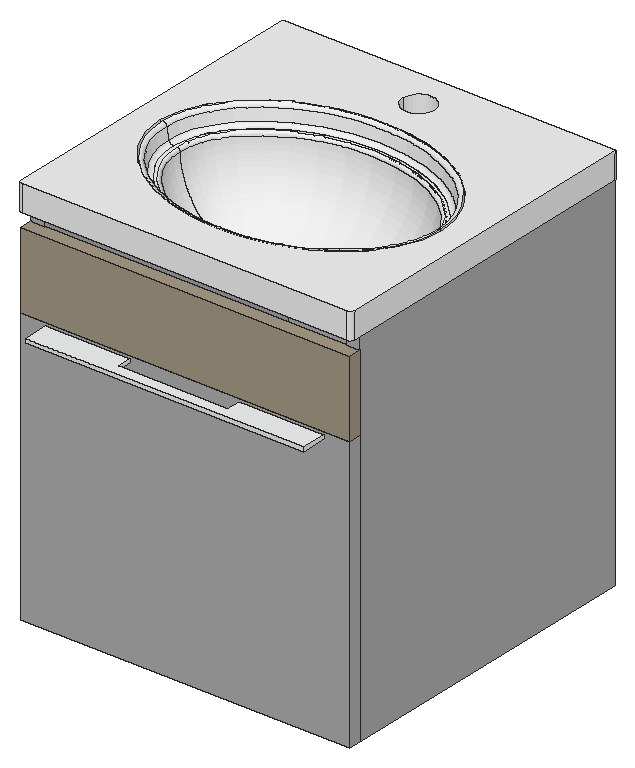
Revit family "135066841_Mueble Elipse Plus 45 cm con Lavamanos", category Furniture, Revit 2019
Family settings
  OmniClass Number = 23.31.13.11
  OmniClass Title = Single Sinks
  Work Plane-Based = No
  Always vertical = Yes
  Cut with Voids When Loaded = No
  Shared = No
  Room Calculation Point = No
Parameters
  URL = "https://corona.co/productos/muebles-para-banos/mueble-elipse-plus/p/135066841"
  Resistencia al rayado = "700 ciclos"  # constant formula
  Resistencia a la humedad = "8%"  # constant formula
  Peso Neto aprox = "34,8 lb (15,8 kg)."  # constant formula
  Peso Bruto aprox = "42,3 lb (19,2 kg)."  # constant formula
  Model = "Elipse Plus 45"  # constant formula
  Material = Corona_Madera_Niebla
  Manufacturer = "Corona"  # constant formula
  Manija = Corona_Aluminio
  Longitud = 453 mm
  Garantía Herraje = "1 año"  # constant formula
  Garantía = "5 Años (Madera)"  # constant formula
  Fecha de creación = "28/07/2020"  # constant formula
  Description = "Línea de Muebles Elipse Plus con mezcla de materiales y manija en aluminio\r\nque brindan un diseño moderno, en formato de 45 cm con cajón de cierre lento.\r\n· Máxima capacidad de almacenamiento.\r\n· Resistentes a la humedad.\r\n· Lavamanos 100% en porcelana."  # constant formula
  Creado por = "IDD"  # constant formula
  Ancho = 450 mm
  Alto = 500 mm
  Acabado = Corona_Ambar
Reference planes
  plane 1 "Center (Front/Back)": y = 0
  plane 2: z = 0
  plane 3 "Center (Left/Right)": x = 0
  plane 4 "Center L/S": x = 225
  plane 5 "Center L/T": x = -225
  plane 6 "Center L/U": y = -453
  plane 7: z = 500
  plane 8: z = 480
Forms (mm)
  Extrusion 1, solid, material "Corona_Madera_Niebla" <- "Material", detail levels medium+fine
    sketch origin (0, 0, 0) x (1, 0, 0) y (0, 1, 0)
      loop
        line (-225, 0) -> (-225, -435) -> (-207, -435) -> (-207, 0) -> (-225, 0)
    from 0 to 500
  Extrusion 2, solid, material "Corona_Madera_Niebla" <- "Material", detail levels medium+fine
    sketch origin (0, 0, 0) x (-1, 0, 0) y (0, -1, 0)
      loop
        line (-225, 0) -> (-207, 0) -> (-207, 435) -> (-225, 435) -> (-225, 0)
    from 0 to 500
  Extrusion 3, solid, material "Corona_Madera_Niebla" <- "Material", detail levels medium+fine
    sketch origin (0, 0, 0) x (1, 0, 0) y (0, 1, 0)
      loop
        line (-207, 0) -> (-207, -18) -> (207, -18) -> (207, 0) -> (-207, 0)
    from 0 to 500
  Extrusion 4, solid, material "Corona_Madera_Niebla" <- "Material", detail levels medium+fine
    sketch origin (0, 0, 0) x (1, 0, 0) y (0, 1, 0)
      loop
        line (-225, -453) -> (225, -453) -> (225, -435) -> (-225, -435) -> (-225, -453)
    from 0 to 376
  Extrusion 5, solid, material "Corona_Ambar" <- "Acabado", detail levels medium+fine
    sketch origin (0, 0, 0) x (1, 0, 0) y (0, 1, 0)
      loop
        line (-225, -453) -> (225, -453) -> (225, -435) -> (-225, -435) -> (-225, -453)
    from 376 to 480
  Extrusion 6, solid, material "Corona_Aluminio" <- "Manija", detail levels medium+fine
    sketch origin (0, 0, 0) x (1, 0, 0) y (0, 1, 0)
      loop
        line (-190, -453) -> (-190, -488) -> (190, -488) -> (190, -453) -> (75, -453) -> (75, -473) -> (-75, -473) -> (-75, -453) -> (-190, -453)
    from 367 to 371.997
  Extrusion 7, solid, material "Corona_Madera_Niebla" <- "Material", detail levels medium+fine
    sketch origin (0, 0, 0) x (1, 0, 0) y (0, 1, 0)
      loop
        line (-207, -18) -> (-207, -435) -> (207, -435) -> (207, -18) -> (-207, -18)
    from 0 to 18
  Extrusion 8, solid, material "Corona_Madera_Niebla" <- "Material", detail levels coarse
    sketch origin (0, 0, 0) x (1, 0, 0) y (0, 1, 0)
      loop
        line (-225, 0) -> (-225, -453) -> (225, -453) -> (225, 0) -> (-225, 0)
    from 0 to 500
  Extrusion 9, solid, material "Corona_Cerámica_Sinterizada", detail levels coarse
    sketch origin (0, 0, 0) x (1, 0, 0) y (0, 1, 0)
      loop
        line (-228, 0) -> (-228, -454) -> (228, -454) -> (228, 0) -> (-228, 0)
    from 500 to 535
Dimensions and locks
  equal spacing: plane 5 "Center L/T", plane 3 "Center (Left/Right)", plane 4 "Center L/S"
  "Ancho": plane 5 "Center L/T" to plane 4 "Center L/S"
  "Longitud": plane 6 "Center L/U" to plane 1 "Center (Front/Back)"
  "Alto": plane 7 to plane 2
  locked: plane 7 to plane 8 at 20
  aligned and locked: level to plane 2
  aligned and locked: plane 4 "Center L/S" to Extrusion 2
  aligned and locked: Extrusion 1 to plane 5 "Center L/T"
  aligned and locked: Extrusion 3 to plane 1 "Center (Front/Back)"
  aligned and locked: plane 6 "Center L/U" to Extrusion 4
  aligned and locked: Extrusion 5 sketch curve to Extrusion 4  (x3)
  aligned and locked: Extrusion 5 sketch curve to Extrusion 2
  aligned and locked: Extrusion 7 sketch curve to Extrusion 3  (x2)
  aligned and locked: Extrusion 7 sketch curve to Extrusion 2
  aligned and locked: Extrusion 2 to Extrusion 7 sketch curve
  aligned and locked: plane 7 to Extrusion 3
  aligned and locked: plane 7 to Extrusion 2
  aligned and locked: plane 7 to Extrusion 1
  aligned and locked: plane 8 to Extrusion 5
  aligned and locked: plane 3 "Center (Left/Right)" to nested 1
  aligned and locked: plane 1 "Center (Front/Back)" to nested 1
  aligned and locked: nested 1 to plane 7
  aligned and locked: plane 3 "Center (Left/Right)" to nested 2
  aligned and locked: plane 1 "Center (Front/Back)" to nested 2
  aligned and locked: plane 3 "Center (Left/Right)" to nested 3
  aligned and locked: plane 2 to nested 3
  aligned and locked: plane 1 "Center (Front/Back)" to nested 4
  aligned and locked: plane 2 to nested 4
  aligned and locked: Extrusion 8 sketch curve to plane 6 "Center L/U"
  aligned and locked: Extrusion 8 sketch curve to plane 4 "Center L/S"
  aligned and locked: plane 1 "Center (Front/Back)" to Extrusion 8 sketch curve
  aligned and locked: plane 5 "Center L/T" to Extrusion 8 sketch curve
  aligned and locked: Extrusion 9 sketch curve to nested 2  (x4)
  aligned and locked: Extrusion 9 to nested 1
  aligned and locked: Extrusion 9 to Extrusion 1
  aligned and locked: Extrusion 8 to Extrusion 1  (x2)
Automatic sketch dimensions
  Extrusion 1 sketch curve to plane 5 "Center L/T" = 0 mm
  plane 1 "Center (Front/Back)" to Extrusion 1 sketch curve = 0 mm
  plane 5 "Center L/T" to Extrusion 1 sketch curve = 18 mm
  Extrusion 1 sketch curve to plane 6 "Center L/U" = 18 mm
  Extrusion 2 sketch curve to plane 4 "Center L/S" = 0 mm
  plane 1 "Center (Front/Back)" to Extrusion 2 sketch curve = 0 mm
  Extrusion 2 sketch curve to Extrusion 2 sketch curve = 18 mm
  plane 6 "Center L/U" to Extrusion 2 sketch curve = 18 mm
  plane 1 "Center (Front/Back)" to Extrusion 3 sketch curve = 0 mm
  plane 5 "Center L/T" to Extrusion 3 sketch curve = 18 mm
  Extrusion 3 sketch curve to plane 4 "Center L/S" = 18 mm
  plane 1 "Center (Front/Back)" to Extrusion 3 sketch curve = 18 mm
  Extrusion 4 sketch curve to plane 5 "Center L/T" = 0 mm
  Extrusion 4 sketch curve to plane 4 "Center L/S" = 0 mm
  plane 6 "Center L/U" to Extrusion 4 sketch curve = 0 mm
  Extrusion 4 sketch curve to Extrusion 4 sketch curve = 18 mm
  plane 6 "Center L/U" to Extrusion 6 sketch curve = 0 mm  (x2)
  plane 5 "Center L/T" to Extrusion 6 sketch curve = 35 mm
  Extrusion 6 sketch curve to plane 3 "Center (Left/Right)" = 75 mm
  plane 6 "Center L/U" to Extrusion 6 sketch curve = 20 mm
  plane 3 "Center (Left/Right)" to Extrusion 6 sketch curve = 75 mm
  Extrusion 6 sketch curve to plane 4 "Center L/S" = 35 mm
  Extrusion 6 sketch curve to Extrusion 6 sketch curve = 35 mm
Nested families
  nested 1: "Lavamanos Elipse plus 45" at (0, 0, 535), type "Lavamanos Elipse plus 45", detail levels medium+fine
  nested 2: "Planta" at (0, -227, 0), type "Planta"
  nested 3: "lateral" at (0, 0, 250) x (1, 0, 0) z (0, -1, 0), type "lateral"
  nested 4: "lateral1" at (0, -226.5, 250) x (0, 1, 0) z (1, 0, 0), type "lateral1"
Connectors
  piping at (0, -53.444, 500), diameter 12.7
    settings: on nested 1, index 1, connector inside diameter 609.6 mm, connector length 0 mm, flow factor 0, pipe flow 0.0 L/s, pressure drop 0.0 Pa, fitting loss kfactor 0, connector angle 0.00°, fixture units 0, engagement length 0 mm, angle of deflection 0.00°, flow configuration 0, flow direction 0, fitting loss method 0, system type 20, joint type 0, gender type 0, connector reference index -1, connector utility 0, adjustable connector no, is connector primary yes, connector description ""
  piping at (0, -253.444, 385), diameter 38.1
    settings: on nested 1, index 2, connector inside diameter 609.6 mm, connector length 0 mm, flow factor 0, pipe flow 0.0 L/s, pressure drop 0.0 Pa, fitting loss kfactor 0, connector angle 0.00°, fixture units 0, engagement length 0 mm, angle of deflection 0.00°, flow configuration 0, flow direction 0, fitting loss method 0, system type 16, joint type 0, gender type 0, connector reference index -1, connector utility 0, adjustable connector no, is connector primary no, connector description ""
Definition of nested family "Lavamanos Elipse plus 45"
  Parameters (values of type "Lavamanos Elipse plus 45")
    Width = 456 mm
    Material Lavamanos = none
    Height = 122 mm
    Depth = 454 mm
    Date Created = "08/07/2020"  # constant formula
    Created by = "IDD"  # constant formula
  Reference planes
    plane 1 "Center (Front/Back)": y = 0
    plane 2: z = 0
    plane 3 "Center (Left/Right)": x = 0
    plane 4: y = -454
    plane 5: x = 228
    plane 6: x = -228
    plane 7: z = -150
    plane 8: z = -35
    plane 9: y = -253.444
  Forms (mm)
    Extrusion 1, solid, material <- "Material Lavamanos"
      sketch origin (0, 0, -10) x (1, 0, 0) y (0, 1, 0)
        loop
          arc (-225.603, 0) -> (-227.013, -0.987) -> (-228, -2.397) r 4.953
          line (-228, -2.397) -> (-228, -447.917)
          arc (-228, -447.917) -> (-226.218, -452.218) -> (-221.917, -454) r 6.083
          line (-221.917, -454) -> (221.917, -454)
          arc (221.917, -454) -> (226.218, -452.218) -> (228, -447.917) r 6.083
          line (228, -447.917) -> (228, -2.397)
          arc (228, -2.397) -> (227.013, -0.987) -> (225.603, 0) r 4.953
          line (225.603, 0) -> (-225.603, 0)
        loop
          spline (-193.736, -253.444) -> (-187.16, -290.973) -> (-167.879, -325.944) -> (-137.208, -355.974) -> (-97.236, -379.017) -> (-50.688, -393.503) -> (-0.736, -398.444) -> (49.216, -393.503) -> (95.764, -379.017) -> (135.735, -355.974) -> (166.407, -325.944) -> (185.687, -290.973) -> (192.264, -253.444)
          spline (192.264, -253.444) -> (185.687, -215.915) -> (166.407, -180.944) -> (135.735, -150.913) -> (95.764, -127.87) -> (49.216, -113.385) -> (-0.736, -108.444) -> (-50.688, -113.385) -> (-97.236, -127.87) -> (-137.208, -150.913) -> (-167.879, -180.944) -> (-187.16, -215.915) -> (-193.736, -253.444)
      from -25 to 10
    Sweep 2, solid
      path in 3D
        loop
          spline (-190.736, -253.444, 0) -> (-184.262, -290.973, 0) -> (-165.281, -325.944, 0) -> (-135.087, -355.974, 0) -> (-95.736, -379.017, 0) -> (-49.912, -393.503, 0) -> (-0.736, -398.444, 0) -> (48.439, -393.503, 0) -> (94.264, -379.017, 0) -> (133.614, -355.974, 0) -> (163.809, -325.944, 0) -> (182.79, -290.973, 0) -> (189.264, -253.444, 0)
          spline (189.264, -253.444, 0) -> (182.79, -215.915, 0) -> (163.809, -180.944, 0) -> (133.614, -150.913, 0) -> (94.264, -127.87, 0) -> (48.439, -113.385, 0) -> (-0.736, -108.444, 0) -> (-49.912, -113.385, 0) -> (-95.736, -127.87, 0) -> (-135.087, -150.913, 0) -> (-165.281, -180.944, 0) -> (-184.262, -215.915, 0) -> (-190.736, -253.444, 0)
      profile origin (-0.736, -108.444, 0) x (0, -1, 0) y (0, 0, 1)
        loop
          line (0, 0) -> (0, -13.758) -> (3.865, -23.05)
          arc (3.865, -23.05) -> (9.931, -29.249) -> (18.599, -29.556) r 11.679
          arc (18.599, -29.556) -> (44.862, -99.24) -> (108.25, -138.323) r 115.268
          line (108.25, -138.323) -> (109.359, -138.57) -> (109.359, -133.448)
          arc (109.359, -133.448) -> (48.681, -96.011) -> (23.593, -29.274) r 110.268
          arc (23.593, -29.274) -> (22.412, -26.424) -> (19.562, -25.244) r 4.03
          line (19.562, -25.244) -> (14.649, -25.244)
          arc (14.649, -25.244) -> (10.558, -23.845) -> (8.181, -20.233) r 6.679
          line (8.181, -20.233) -> (5.534, -4.644)
          arc (5.534, -4.644) -> (3.612, -1.315) -> (0, 0) r 5.62
    Extrusion 3, void
      sketch origin (0, -11.26, 0) x (1, 0, 0) y (0, 1, 0)
        loop
          circle (0, -242.183) r 21.75
      from -167.798 to -105
    Extrusion 4, void
      sketch origin (0, 188.74, 0) x (1, 0, 0) y (0, 1, 0)
        loop
          circle (0, -242.183) r 21.75
      from -59.237 to 25
    Extrusion 5, solid
      sketch origin (0, 0, 10) x (1, 0, 0) y (0, 1, 0)
        loop
          spline (81.013, -253.444) -> (80.652, -251.776) -> (77.478, -246.25) -> (67.941, -236.967) -> (50.616, -226.932) -> (26.752, -219.441) -> (-0.736, -216.694) -> (-28.224, -219.441) -> (-52.088, -226.932) -> (-69.414, -236.967) -> (-78.95, -246.25) -> (-82.124, -251.776) -> (-82.486, -253.444)
          spline (-82.486, -253.444) -> (-82.124, -255.112) -> (-78.95, -260.638) -> (-69.414, -269.921) -> (-52.088, -279.956) -> (-28.224, -287.446) -> (-0.736, -290.193) -> (26.752, -287.446) -> (50.616, -279.956) -> (67.941, -269.921) -> (77.478, -260.638) -> (80.652, -255.112) -> (81.013, -253.444)
      from -160 to -143.447
  Cuts and joins
    Extrusion 3 cuts Sweep 2
    Extrusion 3 cuts Extrusion 5
    Extrusion 4 cuts Extrusion 1
  Lines and regions (mm)
    sketch lines
      curve 1: spline (189.264, -253.444, 0) -> (182.79, -215.915, 0) -> (163.809, -180.944, 0) -> (133.614, -150.913, 0) -> (94.264, -127.87, 0) -> (48.439, -113.385, 0) -> (-0.736, -108.444, 0) -> (-49.912, -113.385, 0) -> (-95.736, -127.87, 0) -> (-135.087, -150.913, 0) -> (-165.281, -180.944, 0) -> (-184.262, -215.915, 0) -> (-190.736, -253.444, 0)
      curve 2: spline (-190.736, -253.444, 0) -> (-184.262, -290.973, 0) -> (-165.281, -325.944, 0) -> (-135.087, -355.974, 0) -> (-95.736, -379.017, 0) -> (-49.912, -393.503, 0) -> (-0.736, -398.444, 0) -> (48.439, -393.503, 0) -> (94.264, -379.017, 0) -> (133.614, -355.974, 0) -> (163.809, -325.944, 0) -> (182.79, -290.973, 0) -> (189.264, -253.444, 0)
  Dimensions and locks
    equal spacing: plane 6, plane 3 "Center (Left/Right)", plane 5
    "Width": plane 6 to plane 5
    "Depth": plane 4 to plane 1 "Center (Front/Back)"
    plane 1 "Center (Front/Back)" to plane 4 = 454 mm
    level to plane 7 = 150 mm
    plane 8 to level = 35 mm
    aligned and locked: level to plane 2
  Automatic sketch dimensions
    Extrusion 1 sketch curve to plane 6 = 0 mm
    plane 1 "Center (Front/Back)" to Extrusion 1 sketch curve = 0 mm
    Extrusion 1 sketch curve to plane 4 = 0 mm
    plane 9 to Extrusion 1 sketch curve = 0 mm
    Extrusion 1 sketch curve to plane 5 = 0 mm
    plane 6 to Extrusion 1 sketch curve = 2.397 mm
    plane 6 to Extrusion 1 sketch curve = 4.489 mm
    plane 6 to Extrusion 1 sketch curve = 6.083 mm
    Extrusion 1 sketch curve to Extrusion 1 sketch curve = 6.083 mm
    Extrusion 1 sketch curve to plane 5 = 4.489 mm
    Extrusion 1 sketch curve to plane 5 = 2.397 mm
    plane 1 "Center (Front/Back)" to Extrusion 1 sketch curve = 4.489 mm  (x2)
    plane 6 to Extrusion 1 sketch curve = 34.264 mm
    Extrusion 1 sketch curve to plane 3 "Center (Left/Right)" = 0.736 mm
    Sweep 2 sketch curve to Sweep 2 sketch curve = 0 mm  (x4)
    Sweep 2 sketch curve to profile plane = 0 mm  (x2)
    Sweep 2 sketch curve to profile plane = 3.865 mm
    Sweep 2 sketch curve to profile plane = 4.644 mm
    Sweep 2 sketch curve to profile plane = 5.534 mm
    Sweep 2 sketch curve to Sweep 2 sketch curve = 4.316 mm
    Sweep 2 sketch curve to Sweep 2 sketch curve = 6.468 mm
    Sweep 2 sketch curve to Sweep 2 sketch curve = 4.913 mm
    Sweep 2 sketch curve to profile plane = 108.25 mm
    Sweep 2 sketch curve to Sweep 2 sketch curve = 1.109 mm
    Sweep 2 sketch curve to profile plane = 25.925 mm
    Sweep 2 sketch curve to Sweep 2 sketch curve = 24.45 mm
    Sweep 2 sketch curve to Sweep 2 sketch curve = 24.63 mm
    Sweep 2 sketch curve to Sweep 2 sketch curve = 107.523 mm
    Sweep 2 sketch curve to Sweep 2 sketch curve = 4.876 mm
    Sweep 2 sketch curve to Sweep 2 sketch curve = 0.246 mm
    Sweep 2 sketch curve to Sweep 2 sketch curve = 2.194 mm
    Sweep 2 sketch curve to Sweep 2 sketch curve = 2.817 mm
    Sweep 2 sketch curve to Sweep 2 sketch curve = 8.138 mm
    Extrusion 3 sketch curve to Extrusion 3 sketch curve = 0 mm  (x2)
    plane 9 to Extrusion 3 sketch curve = 0 mm
    Extrusion 3 sketch curve to plane 3 "Center (Left/Right)" = 0 mm
    Extrusion 3 sketch curve to Extrusion 3 sketch curve = 21.75 mm
    Extrusion 4 sketch curve to Extrusion 4 sketch curve = 0 mm  (x2)
    Extrusion 4 sketch curve to plane 3 "Center (Left/Right)" = 0 mm
    plane 1 "Center (Front/Back)" to Extrusion 4 sketch curve = 53.444 mm
    Extrusion 4 sketch curve to Extrusion 4 sketch curve = 21.75 mm
    plane 9 to Extrusion 5 sketch curve = 0 mm  (x2)
    Extrusion 5 sketch curve to plane 3 "Center (Left/Right)" = 82.486 mm
    Extrusion 5 sketch curve to Extrusion 5 sketch curve = 0 mm  (x2)
    plane 3 "Center (Left/Right)" to Extrusion 5 sketch curve = 81.013 mm
  Connectors
    piping at (0, -53.444, -35), diameter 12.7
      settings: on cut or joined group of Extrusion 1, Extrusion 4, index 1, connector inside diameter 609.6 mm, connector length 0 mm, flow factor 0, pipe flow 0.0 L/s, pressure drop 0.0 Pa, fitting loss kfactor 0, connector angle 0.00°, fixture units 0, engagement length 0 mm, angle of deflection 0.00°, flow configuration 0, flow direction 0, fitting loss method 0, system type 20, joint type 0, gender type 0, connector reference index -1, connector utility 0, adjustable connector no, is connector primary yes, connector description ""
    piping at (0, -253.444, -150), diameter 38.1
      settings: on cut or joined group of Extrusion 3, Extrusion 5, index 2, connector inside diameter 609.6 mm, connector length 0 mm, flow factor 0, pipe flow 0.0 L/s, pressure drop 0.0 Pa, fitting loss kfactor 0, connector angle 0.00°, fixture units 0, engagement length 0 mm, angle of deflection 0.00°, flow configuration 0, flow direction 0, fitting loss method 0, system type 16, joint type 0, gender type 0, connector reference index -1, connector utility 0, adjustable connector no, is connector primary no, connector description ""
Definition of nested family "Planta"
  Parameters (values of type "Planta")
    Longitud = 454 mm
    Ancho = 456 mm
  Reference planes
    plane 1 "Center (Front/Back)": y = 0
    plane 2: z = 0
    plane 3 "Center (Left/Right)": x = 0
    plane 4 "Center (F/C": x = 228
    plane 5 "Center (F/D": x = -228
    plane 6 "Center (F/E": y = 227
    plane 7 "Center (F/F": y = -227
  Lines and regions (mm)
    detail lines, in view "Ref. Level"
      curve 1: line (-223, 227, 0) -> (223, 227, 0)
      curve 2: line (-228, -222, 0) -> (-228, 222, 0)
      curve 3: line (223, -227, 0) -> (-223, -227, 0)
      curve 4: line (228, 222, 0) -> (228, -222, 0)
      curve 5: arc (-228, 222, 0) -> (-226.536, 225.536, 0) -> (-223, 227, 0) r 5
      curve 6: arc (223, 227, 0) -> (226.536, 225.536, 0) -> (228, 222, 0) r 5
      curve 7: arc (223, -227, 0) -> (226.536, -225.536, 0) -> (228, -222, 0) r 5
      curve 8: arc (-223, -227, 0) -> (-226.536, -225.536, 0) -> (-228, -222, 0) r 5
      curve 9: circle (22.472, 159.765, 0) r 15 normal (0, 0, 1)
      curve 10: circle (21.111, -26.046, 0) r 25 normal (0, 0, 1)
      curve 11: circle (21.111, -26.046, 0) r 35 normal (0, 0, 1)
      curve 12: spline (-126.436, -26.046, 0) -> (-121.409, -55.81, 0) -> (-106.669, -83.546, 0) -> (-83.221, -107.363, 0) -> (-52.663, -125.639, 0) -> (-17.077, -137.127, 0) -> (21.111, -141.046, 0) -> (59.298, -137.127, 0) -> (94.884, -125.639, 0) -> (125.442, -107.363, 0) -> (148.89, -83.546, 0) -> (163.63, -55.81, 0) -> (168.657, -26.046, 0) -> (163.63, 3.718, 0) -> (148.89, 31.454, 0) -> (125.442, 55.271, 0) -> (94.884, 73.547, 0) -> (59.298, 85.036, 0) -> (21.111, 88.954, 0) -> (-17.077, 85.036, 0) -> (-52.663, 73.547, 0) -> (-83.221, 55.271, 0) -> (-106.669, 31.454, 0) -> (-121.409, 3.718, 0) -> (-126.436, -26.046, 0)
      curve 13: spline (-173.936, -27.296, 0) -> (-168.057, 6.351, 0) -> (-150.819, 37.704, 0) -> (-123.398, 64.628, 0) -> (-87.663, 85.287, 0) -> (-46.048, 98.275, 0) -> (-1.389, 102.704, 0) -> (43.269, 98.275, 0) -> (84.884, 85.287, 0) -> (120.619, 64.628, 0) -> (148.04, 37.704, 0) -> (165.278, 6.351, 0) -> (171.157, -27.296, 0) -> (165.278, -60.942, 0) -> (148.04, -92.296, 0) -> (120.619, -119.22, 0) -> (84.884, -139.879, 0) -> (43.269, -152.866, 0) -> (-1.389, -157.296, 0) -> (-46.048, -152.866, 0) -> (-87.663, -139.879, 0) -> (-123.398, -119.22, 0) -> (-150.819, -92.296, 0) -> (-168.057, -60.942, 0) -> (-173.936, -27.296, 0)
      curve 14: spline (-191.389, -27.296, 0) -> (-184.915, 10.233, 0) -> (-165.934, 45.204, 0) -> (-135.74, 75.235, 0) -> (-96.389, 98.278, 0) -> (-50.565, 112.763, 0) -> (-1.389, 117.704, 0) -> (47.786, 112.763, 0) -> (93.611, 98.278, 0) -> (132.961, 75.235, 0) -> (163.155, 45.204, 0) -> (182.136, 10.233, 0) -> (188.611, -27.296, 0) -> (182.136, -64.825, 0) -> (163.155, -99.796, 0) -> (132.961, -129.826, 0) -> (93.611, -152.869, 0) -> (47.786, -167.355, 0) -> (-1.389, -172.296, 0) -> (-50.565, -167.355, 0) -> (-96.389, -152.869, 0) -> (-135.74, -129.826, 0) -> (-165.934, -99.796, 0) -> (-184.915, -64.825, 0) -> (-191.389, -27.296, 0)
      curve 15: line (-190, -227, 0) -> (-190, -262, 0)
      curve 16: line (-190, -262, 0) -> (190, -262, 0)
      curve 17: line (190, -262, 0) -> (190, -227, 0)
      curve 18: line (75, -227, 0) -> (75, -247, 0)
      curve 19: line (75, -247, 0) -> (-75, -247, 0)
      curve 20: line (-75, -247, 0) -> (-75, -227, 0)
  Dimensions and locks
    equal spacing: plane 5 "Center (F/D", plane 3 "Center (Left/Right)", plane 4 "Center (F/C"
    "Ancho": plane 5 "Center (F/D" to plane 4 "Center (F/C"
    equal spacing: plane 7 "Center (F/F", plane 1 "Center (Front/Back)", plane 6 "Center (F/E"
    "Longitud": plane 7 "Center (F/F" to plane 6 "Center (F/E"
  Automatic sketch dimensions
    curve 10 to curve 11 = 0 mm  (x2)
    curve 8 to plane 5 "Center (F/D" = 0 mm
    plane 7 "Center (F/F" to curve 8 = 0 mm
    plane 6 "Center (F/E" to curve 5 = 0 mm
    curve 6 to plane 4 "Center (F/C" = 0 mm
    plane 5 "Center (F/D" to curve 3 = 5 mm
    plane 5 "Center (F/D" to curve 5 = 5 mm
    plane 3 "Center (Left/Right)" to curve 10 = 21.111 mm
    plane 3 "Center (Left/Right)" to curve 9 = 22.472 mm
    curve 7 to plane 4 "Center (F/C" = 5 mm
    curve 6 to plane 4 "Center (F/C" = 5 mm
    plane 1 "Center (Front/Back)" to curve 10 = 26.046 mm
    plane 6 "Center (F/E" to curve 9 = 67.235 mm
    plane 5 "Center (F/D" to curve 14 = 36.611 mm
    curve 14 to curve 13 = 17.453 mm
    curve 13 to curve 12 = 47.5 mm
    curve 14 to plane 3 "Center (Left/Right)" = 1.389 mm
    curve 13 to curve 14 = 0 mm  (x2)
    curve 12 to curve 10 = 0 mm  (x2)
    curve 14 to curve 10 = 1.25 mm
    plane 5 "Center (F/D" to curve 15 = 38 mm
    curve 20 to plane 3 "Center (Left/Right)" = 75 mm
    curve 18 to plane 4 "Center (F/C" = 153 mm
    curve 16 to plane 4 "Center (F/C" = 38 mm
    plane 7 "Center (F/F" to curve 15 = 35 mm
    plane 7 "Center (F/F" to curve 20 = 20 mm
    curve 16 to curve 17 = 35 mm
    curve 18 to curve 18 = 20 mm
    curve 15 to curve 15 = 35 mm
    curve 19 to curve 20 = 20 mm
    radius of curve 9 = 15 mm
    radius of curve 10 = 25 mm
    radius of curve 11 = 35 mm
Definition of nested family "lateral"
  Parameters (values of type "lateral")
    Longitud = 500 mm
    Ancho = 450 mm
  Reference planes
    plane 1 "Center (Front/Back)": y = 0
    plane 2: z = 0
    plane 3 "Center (Left/Right)": x = 0
    plane 4 "Center (F/C": x = 225
    plane 5 "Center (F/D": x = -225
    plane 6 "Center (F/E": y = 250
    plane 7 "Center (F/F": y = -250
    plane 8 "Center (F/G": x = -228
    plane 9 "Center (F/H": x = 228
  Lines and regions (mm)
    detail lines, in view "Ref. Level"
      curve 1: line (-228, 250, 0) -> (228, 250, 0)
      curve 2: line (-225, -250, 0) -> (-225, 250, 0)
      curve 3: line (225, -250, 0) -> (-225, -250, 0)
      curve 4: line (225, 250, 0) -> (225, -250, 0)
      curve 5: line (-225, 230, 0) -> (225, 230, 0)
      curve 6: line (225, 126, 0) -> (-225, 126, 0)
      curve 7: line (-189.795, 121.948, 0) -> (188.107, 121.948, 0)
      curve 8: line (-189.795, 116.948, 0) -> (-189.795, 121.948, 0)
      curve 9: line (188.107, 116.948, 0) -> (-189.795, 116.948, 0)
      curve 10: line (188.107, 121.948, 0) -> (188.107, 116.948, 0)
      curve 11: line (-228, 285, 0) -> (228, 285, 0)
      curve 12: line (-228, 285, 0) -> (-228, 250, 0)
      curve 13: line (228, 285, 0) -> (228, 250, 0)
  Dimensions and locks
    equal spacing: plane 5 "Center (F/D", plane 3 "Center (Left/Right)", plane 4 "Center (F/C"
    "Ancho": plane 5 "Center (F/D" to plane 4 "Center (F/C"
    equal spacing: plane 7 "Center (F/F", plane 1 "Center (Front/Back)", plane 6 "Center (F/E"
    "Longitud": plane 7 "Center (F/F" to plane 6 "Center (F/E"
  Automatic sketch dimensions
    plane 6 "Center (F/E" to curve 12 = 0 mm
    curve 12 to plane 8 "Center (F/G" = 0 mm
    curve 3 to plane 5 "Center (F/D" = 0 mm
    curve 5 to plane 4 "Center (F/C" = 0 mm
    curve 11 to plane 9 "Center (F/H" = 0 mm
    plane 7 "Center (F/F" to curve 4 = 0 mm
    plane 5 "Center (F/D" to curve 9 = 35.205 mm
    curve 7 to plane 4 "Center (F/C" = 36.893 mm
    curve 9 to plane 1 "Center (Front/Back)" = 116.948 mm
    curve 8 to curve 8 = 5 mm
    curve 11 to plane 6 "Center (F/E" = 35 mm
    curve 7 to curve 6 = 4.052 mm
    plane 6 "Center (F/E" to curve 5 = 20 mm
Definition of nested family "lateral1"
  Parameters (values of type "lateral1")
    Longitud = 500 mm
    Ancho = 453 mm
  Reference planes
    plane 1 "Center (Front/Back)": y = 0
    plane 2: z = 0
    plane 3 "Center (Left/Right)": x = 0
    plane 4 "Center (F/C": x = 226.5
    plane 5 "Center (F/D": x = -226.5
    plane 6 "Center (F/E": y = 250
    plane 7 "Center (F/F": y = -250
  Lines and regions (mm)
    detail lines, in view "Ref. Level"
      curve 1: line (-226.5, -250, 0) -> (-226.5, 230, 0)
      curve 2: line (226.5, -250, 0) -> (-226.5, -250, 0)
      curve 3: line (226.5, 250, 0) -> (226.5, -250, 0)
      curve 4: line (-206.5, 250, 0) -> (226.5, 250, 0)
      curve 5: line (-206.5, -250, 0) -> (-206.5, 250, 0)
      curve 6: line (-226.5, 230, 0) -> (-206.5, 230, 0)
      curve 7: line (-226.5, 130, 0) -> (-206.5, 130, 0)
      curve 8: line (-226.5, 125, 0) -> (-256.5, 125, 0)
      curve 9: arc (-256.5, 125, 0) -> (-261.5, 120, 0) -> (-256.5, 115, 0) r 5
      curve 10: line (-256.5, 115, 0) -> (-226.5, 115, 0)
      curve 11: line (-206.5, 250, 0) -> (-207.5, 250, 0)
      curve 12: line (-207.5, 250, 0) -> (-207.5, 285, 0)
      curve 13: line (-207.5, 285, 0) -> (226.5, 285, 0)
      curve 14: line (226.5, 285, 0) -> (226.5, 250, 0)
  Dimensions and locks
    equal spacing: plane 5 "Center (F/D", plane 3 "Center (Left/Right)", plane 4 "Center (F/C"
    "Ancho": plane 5 "Center (F/D" to plane 4 "Center (F/C"
    equal spacing: plane 7 "Center (F/F", plane 1 "Center (Front/Back)", plane 6 "Center (F/E"
    "Longitud": plane 7 "Center (F/F" to plane 6 "Center (F/E"
  Automatic sketch dimensions
    curve 10 to plane 5 "Center (F/D" = 0 mm
    plane 6 "Center (F/E" to curve 12 = 0 mm
    plane 7 "Center (F/F" to curve 5 = 0 mm
    curve 13 to plane 4 "Center (F/C" = 0 mm
    curve 8 to curve 8 = 30 mm
    plane 5 "Center (F/D" to curve 13 = 19 mm
    curve 11 to curve 4 = 1 mm
    curve 10 to plane 1 "Center (Front/Back)" = 115 mm
    curve 9 to curve 9 = 5 mm
    plane 6 "Center (F/E" to curve 6 = 20 mm
    curve 13 to plane 6 "Center (F/E" = 35 mm
    curve 8 to curve 7 = 5 mm
